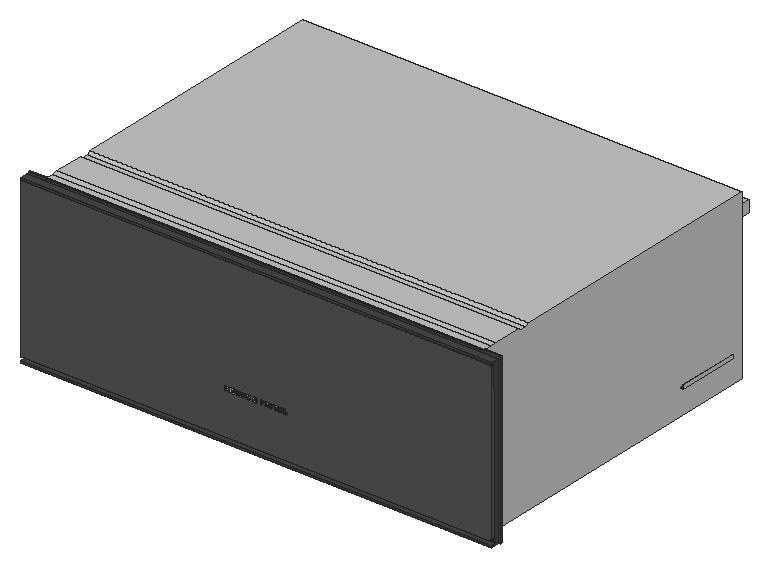
Revit family "FP_Revit_18_VB30SDEB1_Vacuum_Drawer_9000xxxxA", category Specialty Equipment, Revit 2018
Family settings
  Round Connector Dimension = Use Diameter
  Part Type = Normal
  OmniClass Number = 23.40.40.14.17.31
  OmniClass Title = Small Specialized Cooking Equipment
  Work Plane-Based = No
  Always vertical = Yes
  Cut with Voids When Loaded = Yes
  Shared = No
  Room Calculation Point = No
Parameters (values of type "VB30SDEB1")
  Visibility - Clearance Required = yes
  URL = "www.fisherpaykel.com"
  Product - Width = 761 mm  # constant formula
  Product - Height = 271 mm  # constant formula
  Product - Depth = 572 mm  # constant formula
  Model = "VB30SDEB1"
  Material - Trim = Fisher & Paykel - Black
  Material - Structure = Fisher & Paykel - Black
  Material - Glass = Fisher & Paykel - Glass, Black
  Material - Body = Fisher & Paykel - Grey
  Manufacturer = "Fisher & Paykel Appliances"
  FFL Offset [instance] = 587 mm
  Description = "30\" Vacuum Drawer"
  Connector Description - Electrical = "110 V, 60Hz, 10 A"
  Chassis - Width = 720 mm  # constant formula
  Chassis - Height = 271 mm  # constant formula
  Chassis - Depth = 552 mm  # constant formula
  Cavity - Width = 724 mm  # constant formula
  Cavity - Height = 273 mm  # constant formula
  Cavity - Depth = 560 mm  # constant formula
Reference planes
  plane 1 "Datum (Front/Back)": y = 0
  plane 2: z = 0
  plane 3 "Center (Left/Right)": x = 0
  plane 4 "Product Height": z = 858
  plane 5 "Product LHS": x = -380.5
  plane 6 "Product RHS": x = 380.5
  plane 7 "Cavity LHS": x = -382
  plane 8 "Cavity RHS": x = 382
  plane 9 "Cavity - Depth": y = 560
  plane 10 "Product Depth": y = 552
  plane 11 "Door - Front": y = -20
  plane 12 "Cavity - Height": z = 860
  plane 13 "FFL Offset": z = 587
Forms (mm)
  Extrusion 1, solid, material "Fisher & Paykel - Grey" <- "Material - Body"
    sketch origin (0, 0, 0) x (0, 1, 0) y (0, 0, 1)
      loop
        line (0, 587) -> (518, 587) -> (518, 858) -> (87.767, 858) -> (83, 854) -> (73, 854) -> (68.233, 858) -> (21, 858) -> (12.8, 856.5) -> (0, 856.5) -> (0, 587)
    from -354 to 354
  Extrusion 2, solid, material "Fisher & Paykel - Grey" <- "Material - Body", detail levels medium+fine
    sketch origin (0, 0, 0) x (0, 1, 0) y (0, 0, 1)
      loop
        line (518, 826) -> (518, 807) -> (552, 807) -> (552, 826) -> (518, 826)
    from 310.5 to 337.5
  Extrusion 3, solid, material "Fisher & Paykel - Grey" <- "Material - Body", detail levels medium+fine
    sketch origin (0, 0, 0) x (0, 1, 0) y (0, 0, 1)
      loop
        circle (541.5, 816.5) r 8.163
    from 277.5 to 310.5
  Extrusion 4, solid, material "Fisher & Paykel - Black" <- "Material - Structure"
    sketch origin (0, 0, 0) x (0, 1, 0) y (0, 0, 1)
      loop
        line (-2, 595.6) -> (-2, 846.7) -> (-6.6, 846.7) -> (-6.6, 595.6) -> (-2, 595.6)
    from -342 to 342
  Extrusion 5, solid, material "Fisher & Paykel - Glass, Black" <- "Material - Glass"
    sketch origin (0, 0, 0) x (1, 0, 0) y (0, 0, 1)
      loop
        line (378, 853) -> (-378, 853)
        arc (-378, 853) -> (-379.768, 852.268) -> (-380.5, 850.5) r 2.5
        line (-380.5, 850.5) -> (-380.5, 601.1)
        arc (-380.5, 601.1) -> (-379.768, 599.332) -> (-378, 598.6) r 2.5
        line (-378, 598.6) -> (378, 598.6)
        arc (378, 598.6) -> (379.768, 599.332) -> (380.5, 601.1) r 2.5
        line (380.5, 601.1) -> (380.5, 850.5)
        arc (380.5, 850.5) -> (379.768, 852.268) -> (378, 853) r 2.5
    from 16.3 to 20
  Extrusion 6, solid, material "Fisher & Paykel - Black" <- "Material - Structure"
    sketch origin (0, 0, 0) x (0, 1, 0) y (0, 0, 1)
      loop
        line (-6.6, 853) -> (-16.3, 853) -> (-16.3, 598.6) -> (-6.6, 598.6) -> (-6.6, 853)
    from -380.5 to 380.5
  Extrusion 7, solid, material "Fisher & Paykel - Black" <- "Material - Trim", detail levels medium+fine
    sketch origin (0, 0, 0) x (0, 1, 0) y (0, 0, 1)
      loop
        line (-11.142, 595.6) -> (-11.142, 592) -> (-20, 592) -> (-20, 589) -> (-6.6, 589) -> (-6.6, 598.6) -> (-18.633, 598.6) -> (-16.108, 595.6) -> (-11.142, 595.6)
    from -380.5 to 380.5
  Extrusion 8, solid, material "Fisher & Paykel - Black" <- "Material - Trim", detail levels fine
    sketch origin (0, 0, 0) x (0, 1, 0) y (0, 0, 1)
      loop
        line (-6.6, 856) -> (-20, 856) -> (-20, 853) -> (-6.6, 853) -> (-6.6, 856)
    from -380.5 to 380.5
  Extrusion 9, solid, material "Fisher & Paykel - Clearance Required", visible <- "Visibility - Clearance Required", detail levels coarse
    sketch origin (0, 0, 0) x (0, 1, 0) y (0, 0, 1)
      loop
        line (0, 860) -> (0, 587) -> (560, 587) -> (560, 860) -> (0, 860)
    from -362 to 362
  Extrusion 10, solid, material "Fisher & Paykel - Grey" <- "Material - Body", detail levels medium+fine
    sketch origin (0, 0, 0) x (1, 0, 0) y (0, 0, 1)
      loop
        circle (-121.5, 791) r 21.977
    from -537 to -518
  Extrusion 11, solid, material "Fisher & Paykel - Grey" <- "Material - Body", detail levels medium+fine
    sketch origin (0, 0, 1000) x (1, 0, 0) y (0, 0, 1)
      loop
        line (360, -364.5) -> (359, -364.5) -> (359, -369.5) -> (354, -369.5) -> (354, -370.5) -> (360, -370.5) -> (360, -364.5)
      loop
        line (-360, -364.5) -> (-360, -370.5) -> (-354, -370.5) -> (-354, -369.5) -> (-359, -369.5) -> (-359, -364.5) -> (-360, -364.5)
    from -493 to -393
  Extrusion 12, solid, material "Fisher & Paykel - Black" <- "Material - Structure"
    sketch origin (0, 0, 0) x (1, 0, 0) y (0, 0, 1)
      loop
        line (-380.5, 858) -> (-380.5, 587) -> (380.5, 587) -> (380.5, 858) -> (354, 858) -> (354, 856.5) -> (-354, 856.5) -> (-354, 858) -> (-380.5, 858)
    from 0 to 2
  Extrusion 13, solid, material "Fisher & Paykel - Clearance Required", visible <- "Visibility - Clearance Required", detail levels coarse
    sketch origin (0, 0, 0) x (0, 1, 0) y (0, 0, 1)
      loop
        line (0, 587) -> (0, 860) -> (-439, 860) -> (-439, 587) -> (0, 587)
    from -382 to 382
  Extrusion 14, void
    sketch origin (0, 0, 0) x (0, 1, 0) y (0, 0, 1)
      loop
        line (0, 860) -> (0, 587) -> (560, 587) -> (560, 860) -> (0, 860)
    from -362 to 362
  Extrusion 15, void
    sketch origin (0, 0, 0) x (0, 1, 0) y (0, 0, 1)
      loop
        line (0, 587) -> (0, 860) -> (-20, 860) -> (-20, 587) -> (0, 587)
    from -382 to 382
Text (mm)
  text "Due to ongoing product development, product details are subject to change without notice. \nPlease always refer to www.fisherpaykel.com for the most current product information. \n© Fisher & Paykel 2020" at (41.04, -568.295, 0), in view "Ref. Level (Plan)"
Dimensions and locks
  equal spacing: plane 5 "Product LHS", plane 3 "Center (Left/Right)", plane 6 "Product RHS"
  equal spacing: plane 7 "Cavity LHS", plane 3 "Center (Left/Right)", plane 8 "Cavity RHS"
  equal spacing: Extrusion 1, plane 3 "Center (Left/Right)", Extrusion 1
  "Product - Width": plane 5 "Product LHS" to plane 6 "Product RHS"
  "Chassis - Depth": plane 1 "Datum (Front/Back)" to plane 10 "Product Depth"
  "Product - Depth": plane 10 "Product Depth" to plane 11 "Door - Front"
  plane 11 "Door - Front" to plane 1 "Datum (Front/Back)" = 20 mm
  "Cavity - Depth": plane 9 "Cavity - Depth" to plane 1 "Datum (Front/Back)"
  "Chassis - Width": Extrusion 11 to Extrusion 11
  "FFL Offset": level to plane 13 "FFL Offset"
  locked: plane 13 "FFL Offset" to Extrusion 7 sketch curve at 11.6
  locked: plane 13 "FFL Offset" to Extrusion 7 sketch curve at 2
  locked: Extrusion 11 to plane 13 "FFL Offset" at 42.5  (x2)
  "Product - Height": plane 13 "FFL Offset" to plane 4 "Product Height"
  "Cavity - Height": plane 13 "FFL Offset" to plane 12 "Cavity - Height"
  locked: plane 13 "FFL Offset" to Extrusion 4 at 8.6
  locked: plane 13 "FFL Offset" to nested 1 at 78.956
  equal spacing: Extrusion 9, plane 3 "Center (Left/Right)", Extrusion 9
  "Cavity - Width": Extrusion 9 to Extrusion 9
  locked: Extrusion 13 to plane 11 "Door - Front" at 419
  locked: plane 7 "Cavity LHS" to plane 8 "Cavity RHS" at 764
  locked: Extrusion 1 to Extrusion 1 at 708
  aligned and locked: level to plane 2
  aligned and locked: Extrusion 9 sketch curve to plane 9 "Cavity - Depth"
  aligned and locked: Extrusion 2 to Extrusion 1
  aligned and locked: Extrusion 5 to plane 6 "Product RHS"
  aligned and locked: Extrusion 12 to plane 1 "Datum (Front/Back)"
  aligned and locked: Extrusion 11 to Extrusion 1  (x2)
  aligned and locked: plane 13 "FFL Offset" to Extrusion 12
  aligned and locked: Extrusion 5 to Extrusion 6
  aligned and locked: Extrusion 5 to Extrusion 7
  aligned and locked: plane 13 "FFL Offset" to Extrusion 1 sketch curve
  aligned and locked: Extrusion 9 sketch curve to plane 13 "FFL Offset"
  aligned and locked: plane 5 "Product LHS" to Extrusion 8
  aligned and locked: plane 5 "Product LHS" to Extrusion 6
  aligned and locked: plane 5 "Product LHS" to Extrusion 7
  aligned and locked: Extrusion 8 to plane 6 "Product RHS"
  aligned and locked: Extrusion 6 to plane 6 "Product RHS"
  aligned and locked: Extrusion 7 to plane 6 "Product RHS"
  aligned and locked: Extrusion 13 sketch curve to plane 12 "Cavity - Height"
  aligned and locked: Extrusion 13 sketch curve to plane 13 "FFL Offset"
  aligned and locked: plane 7 "Cavity LHS" to Extrusion 13
  aligned and locked: Extrusion 13 to plane 8 "Cavity RHS"
  aligned and locked: Extrusion 15 to plane 12 "Cavity - Height"
  aligned and locked: Extrusion 14 to plane 12 "Cavity - Height"
  aligned and locked: plane 13 "FFL Offset" to Extrusion 15
  aligned and locked: plane 13 "FFL Offset" to Extrusion 14
  aligned and locked: Extrusion 15 to plane 8 "Cavity RHS"
  aligned and locked: plane 7 "Cavity LHS" to Extrusion 15
  aligned and locked: Extrusion 14 to Extrusion 9  (x2)
  aligned and locked: Extrusion 4 to Extrusion 8
Automatic sketch dimensions
  Extrusion 1 sketch curve to plane 1 "Datum (Front/Back)" = 0 mm
  Extrusion 1 sketch curve to plane 4 "Product Height" = 0 mm  (x2)
  Extrusion 1 sketch curve to plane 4 "Product Height" = 1.5 mm
  Extrusion 1 sketch curve to Extrusion 1 sketch curve = 12.8 mm
  Extrusion 1 sketch curve to Extrusion 1 sketch curve = 8.2 mm
  Extrusion 1 sketch curve to Extrusion 1 sketch curve = 47.233 mm
  Extrusion 1 sketch curve to plane 4 "Product Height" = 4 mm
  Extrusion 1 sketch curve to Extrusion 1 sketch curve = 4.767 mm  (x2)
  Extrusion 1 sketch curve to Extrusion 1 sketch curve = 10 mm
  Extrusion 1 sketch curve to plane 10 "Product Depth" = 34 mm
  Extrusion 2 sketch curve to plane 10 "Product Depth" = 0 mm
  Extrusion 2 sketch curve to Extrusion 2 sketch curve = 34 mm
  Extrusion 2 sketch curve to plane 4 "Product Height" = 51 mm
  Extrusion 2 sketch curve to Extrusion 2 sketch curve = 19 mm
  Extrusion 3 sketch curve to plane 10 "Product Depth" = 10.5 mm
  Extrusion 3 sketch curve to plane 4 "Product Height" = 41.5 mm
  plane 1 "Datum (Front/Back)" to Extrusion 4 sketch curve = 6.6 mm
  plane 1 "Datum (Front/Back)" to Extrusion 4 sketch curve = 2 mm
  Extrusion 4 sketch curve to plane 13 "FFL Offset" = 8.6 mm
  Extrusion 4 sketch curve to plane 4 "Product Height" = 11.3 mm
  plane 5 "Product LHS" to Extrusion 5 sketch curve = 0 mm
  plane 6 "Product RHS" to Extrusion 5 sketch curve = 0 mm
  Extrusion 5 sketch curve to plane 5 "Product LHS" = 2.5 mm  (x2)
  plane 6 "Product RHS" to Extrusion 5 sketch curve = 2.5 mm  (x2)
  Extrusion 5 sketch curve to plane 13 "FFL Offset" = 11.6 mm
  Extrusion 5 sketch curve to plane 4 "Product Height" = 7.5 mm
  plane 11 "Door - Front" to Extrusion 6 sketch curve = 3.7 mm
  plane 1 "Datum (Front/Back)" to Extrusion 6 sketch curve = 6.6 mm
  Extrusion 6 sketch curve to plane 13 "FFL Offset" = 11.6 mm
  Extrusion 6 sketch curve to plane 4 "Product Height" = 5 mm
  Extrusion 7 sketch curve to plane 11 "Door - Front" = 0 mm
  plane 11 "Door - Front" to Extrusion 7 sketch curve = 1.367 mm
  plane 11 "Door - Front" to Extrusion 7 sketch curve = 3.892 mm
  Extrusion 7 sketch curve to Extrusion 7 sketch curve = 4.966 mm
  Extrusion 7 sketch curve to Extrusion 7 sketch curve = 4.542 mm
  Extrusion 7 sketch curve to plane 13 "FFL Offset" = 5 mm
  Extrusion 7 sketch curve to Extrusion 7 sketch curve = 3 mm
  Extrusion 8 sketch curve to plane 11 "Door - Front" = 0 mm
  plane 1 "Datum (Front/Back)" to Extrusion 8 sketch curve = 6.6 mm
  Extrusion 8 sketch curve to plane 4 "Product Height" = 5 mm
  Extrusion 8 sketch curve to plane 4 "Product Height" = 2 mm
  Extrusion 9 sketch curve to plane 1 "Datum (Front/Back)" = 0 mm
  plane 12 "Cavity - Height" to Extrusion 9 sketch curve = 0 mm
  Extrusion 10 sketch curve to plane 3 "Center (Left/Right)" = 121.5 mm
  Extrusion 10 sketch curve to plane 4 "Product Height" = 67 mm
  Extrusion 11 sketch curve to plane 5 "Product LHS" = 20.5 mm
  Extrusion 11 sketch curve to Extrusion 11 sketch curve = 1 mm  (x4)
  Extrusion 11 sketch curve to Extrusion 11 sketch curve = 5 mm  (x4)
  plane 6 "Product RHS" to Extrusion 11 sketch curve = 26.5 mm
  Extrusion 11 sketch curve to plane 13 "FFL Offset" = 42.5 mm  (x2)
  Extrusion 12 sketch curve to plane 4 "Product Height" = 0 mm  (x2)
  plane 5 "Product LHS" to Extrusion 12 sketch curve = 0 mm
  plane 6 "Product RHS" to Extrusion 12 sketch curve = 0 mm
  Extrusion 12 sketch curve to plane 13 "FFL Offset" = 0 mm
  Extrusion 12 sketch curve to plane 5 "Product LHS" = 26.5 mm
  Extrusion 12 sketch curve to plane 4 "Product Height" = 1.5 mm
  plane 6 "Product RHS" to Extrusion 12 sketch curve = 26.5 mm
  Extrusion 14 sketch curve to plane 1 "Datum (Front/Back)" = 0 mm
  Extrusion 14 sketch curve to plane 9 "Cavity - Depth" = 0 mm
  plane 13 "FFL Offset" to Extrusion 14 sketch curve = 0 mm
  Extrusion 14 sketch curve to plane 12 "Cavity - Height" = 0 mm
  Extrusion 15 sketch curve to plane 11 "Door - Front" = 0 mm
  Extrusion 15 sketch curve to plane 1 "Datum (Front/Back)" = 0 mm
  plane 13 "FFL Offset" to Extrusion 15 sketch curve = 0 mm
  Extrusion 15 sketch curve to plane 12 "Cavity - Height" = 0 mm
  Extrusion 13 sketch curve to plane 1 "Datum (Front/Back)" = 0 mm
  Extrusion 13 sketch curve to plane 11 "Door - Front" = 419 mm
  radius of Extrusion 3 sketch curve = 8.163 mm
  radius of Extrusion 10 sketch curve = 21.977 mm
Nested families
  nested 1: "F&P Logo 100mm" at (0, -20, 665.956), type "Grey"
Connectors
  electrical at (277.5, 541.5, 816.5), driven by "Connector Description - Electrical"
    settings: on Extrusion 3, index 1, voltage 110 V, apparent load 0 VA, apparent load phase1 0 VA, apparent load phase2 0 VA, apparent load phase3 0 VA, power factor 1, load classification "Other", number of poles 1, system type 30, power factor state 1, is connector primary yes, connector utility no, sub classification motor no, connector description "110 V, 60Hz, 10 A"
Definition of nested family "F&P Logo 100mm"
  Parameters (values of type "Grey")
    URL = "www.fisherpaykel.com"
    Material - Logo = none
    Manufacturer = "Fisher & Paykel Appliances"
  Types (2): name
    Chrome
    Grey
  Reference planes
    plane 1 "Center (Front/Back)": y = 0
    plane 2: z = 0
    plane 3 "Center (Left/Right)": x = 0
  Forms (mm)
    Extrusion 1, solid, material <- "Material - Logo", detail levels fine
      sketch origin (0, 0, 0) x (1, 0, 0) y (0, 0, 1)
        loop
          line (-50.044, 0) -> (-48.47, 0) -> (-48.47, 2.138) -> (-46.011, 2.138) -> (-46.011, 3.472) -> (-48.47, 3.472) -> (-48.47, 4.712) -> (-45.795, 4.712) -> (-45.795, 6.04) -> (-50.044, 6.04) -> (-50.044, 0)
        loop
          line (-42.804, 6.04) -> (-42.804, 0) -> (-41.23, 0) -> (-41.23, 6.04) -> (-42.804, 6.04)
        loop
          line (-30.724, 6.04) -> (-30.724, 0) -> (-29.151, 0) -> (-29.151, 2.42) -> (-26.839, 2.42) -> (-26.839, 0) -> (-25.265, 0) -> (-25.265, 6.04) -> (-26.839, 6.04) -> (-26.839, 3.748) -> (-29.151, 3.748) -> (-29.151, 6.04) -> (-30.724, 6.04)
        loop
          line (-21.906, 6.04) -> (-21.906, 0) -> (-17.602, 0) -> (-17.602, 1.328) -> (-20.347, 1.328) -> (-20.347, 2.42) -> (-17.838, 2.42) -> (-17.838, 3.748) -> (-20.347, 3.748) -> (-20.347, 4.712) -> (-17.602, 4.712) -> (-17.602, 6.04) -> (-21.906, 6.04)
        loop
          line (45.667, 6.04) -> (45.667, 0) -> (49.956, 0) -> (49.956, 1.328) -> (47.241, 1.328) -> (47.241, 6.04) -> (45.667, 6.04)
        loop
          line (42.431, 6.04) -> (38.112, 6.04) -> (38.112, 0) -> (42.431, 0) -> (42.431, 1.328) -> (39.687, 1.328) -> (39.687, 2.42) -> (42.195, 2.42) -> (42.195, 3.748) -> (39.687, 3.748) -> (39.687, 4.712) -> (42.431, 4.712) -> (42.431, 6.04)
        loop
          line (33.451, 3.148) -> (35.683, 6.04) -> (33.844, 6.04) -> (31.915, 3.542) -> (31.915, 6.04) -> (30.342, 6.04) -> (30.342, 0) -> (31.915, 0) -> (31.915, 2.705) -> (33.903, 0) -> (35.763, 0) -> (33.451, 3.148)
        loop
          line (21.98, 6.04) -> (24.262, 2.42) -> (24.262, 0) -> (25.837, 0) -> (25.837, 2.341) -> (28.119, 6.04) -> (26.446, 6.04) -> (25.099, 3.707) -> (23.753, 6.04) -> (21.98, 6.04)
        loop
          line (18.479, 6.04) -> (16.983, 6.04) -> (14.524, 0) -> (16.069, 0) -> (16.501, 1.112) -> (18.921, 1.112) -> (19.354, 0) -> (20.938, 0) -> (18.479, 6.04)
        loop
          line (18.4, 2.439) -> (17.693, 4.174) -> (17.018, 2.439) -> (18.4, 2.439)
        loop
          line (8.031, 6.04) -> (8.031, 0) -> (9.605, 0) -> (9.605, 1.938) -> (10.599, 1.938)
          arc (10.599, 1.938) -> (12.65, 3.989) -> (10.599, 6.04) r 2.051
          line (10.599, 6.04) -> (8.031, 6.04)
        loop
          line (9.605, 4.712) -> (9.605, 3.197) -> (10.501, 3.197)
          arc (10.501, 3.197) -> (11.259, 3.954) -> (10.501, 4.712) r 0.757
          line (10.501, 4.712) -> (9.605, 4.712)
        loop
          line (-11.783, 6.04) -> (-14.366, 6.04) -> (-14.366, 0) -> (-12.792, 0) -> (-12.792, 1.336) -> (-11.992, 1.336) -> (-10.972, 0) -> (-9.153, 0) -> (-10.694, 1.973)
          arc (-10.694, 1.973) -> (-9.678, 4.424) -> (-11.783, 6.04) r 2.179
        loop
          line (-11.897, 4.712) -> (-12.792, 4.712) -> (-12.792, 3.053) -> (-11.897, 3.053)
          arc (-11.897, 3.053) -> (-11.068, 3.882) -> (-11.897, 4.712) r 0.83
        loop
          line (0.477, 4.712) -> (0.477, 6.153) -> (-3.575, 6.153) -> (-3.575, 4.851) -> (-2.974, 4.112)
          arc (-2.974, 4.112) -> (-3.51, 0.684) -> (-0.045, 0.512) r 2.334
          line (-0.045, 0.512) -> (0.46, -0.109) -> (2.246, -0.109) -> (0.86, 1.594) -> (2.061, 3.324) -> (0.443, 3.324) -> (-0.013, 2.667) -> (-1.677, 4.712) -> (0.477, 4.712)
        loop
          arc (-2.125, 3.068) -> (-2.269, 1.668) -> (-0.868, 1.524) r 0.996
          line (-0.868, 1.524) -> (-2.125, 3.068)
        loop
          line (-35.18, 3.634) -> (-36.516, 3.91)
          arc (-36.516, 3.91) -> (-37.049, 4.443) -> (-36.516, 4.976) r 0.533
          arc (-36.516, 4.976) -> (-35.235, 4.79) -> (-34.059, 4.248) r 4.505
          line (-34.059, 4.248) -> (-34.059, 5.743)
          arc (-34.059, 5.743) -> (-35.549, 6.179) -> (-37.1, 6.109) r 4.726
          arc (-37.1, 6.109) -> (-38.536, 4.335) -> (-37.1, 2.561) r 1.814
          line (-37.1, 2.561) -> (-35.754, 2.282)
          arc (-35.754, 2.282) -> (-35.221, 1.749) -> (-35.754, 1.216) r 0.533
          arc (-35.754, 1.216) -> (-37.035, 1.402) -> (-38.211, 1.945) r 4.505
          line (-38.211, 1.945) -> (-38.211, 0.449)
          arc (-38.211, 0.449) -> (-36.72, 0.013) -> (-35.169, 0.083) r 4.726
          arc (-35.169, 0.083) -> (-33.734, 1.863) -> (-35.18, 3.634) r 1.814
      from 0 to 0.8
  Dimensions and locks
    aligned and locked: level to plane 2
